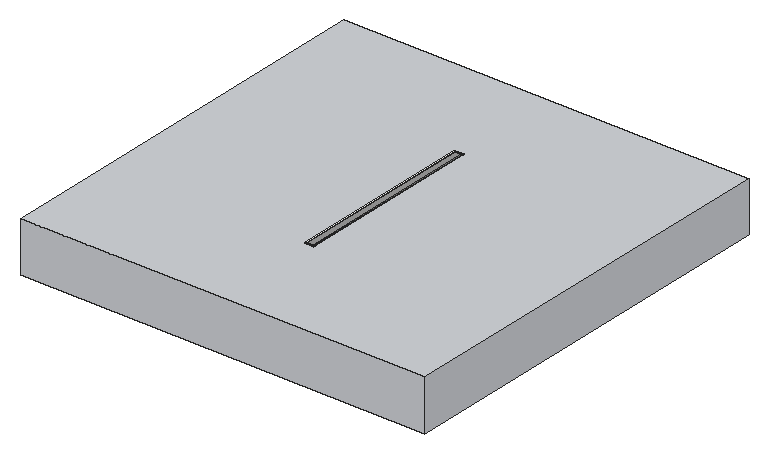
Revit family "LAMP_FIL 45 TW OPAL RECESSED", category Luminarias, Revit 2018
Family settings
  Anfitrión = Cara
  Cota de conector redondo = Diámetro de uso
  Tipo de pieza = Normal
  Corte con vacíos al cargar = No
  Origen de luz = Sí
  Compartido = No
  Punto de cálculo de habitación = No
Parameters (values of type "2800LM 2700-6500K DALI BLACK")
  Ángulo de inclinación = -90.00°
  Weight = 2.786 kg
  Wattage = 30.6 W
  Type = "MID POWER OSRAM"
  built-in parameter 1150107 = 3000 (stored number, unit not read)
  Recessed dimensions = "1126x45x80"
  built-in parameter 1150110 = 1 (stored number, unit not read)
  built-in parameter 1150109 = 1 (stored number, unit not read)
  built-in parameter 1150112 = 1 (stored number, unit not read)
  built-in parameter 1150113 = 1 (stored number, unit not read)
  built-in parameter 1114218 = 1 (stored number, unit not read)
  Protection rating = "IP20 / IK07"
  Product datasheet = "http://www.lamp.es/product-files/TECH/F41RE112MOOP8TWDB-EN.pdf"
  Product code = "F41RE112MOOP8TWDB"
  Product URL = "https://www.lamp.es/en/family/fil-45_413951"
  Power Supply = "220-240V 50/60Hz"
  Power = 27 W
  Plum = 30.6 W
  Photobiological risk = ""
  NOT COVER 2 [instance] = not(END COVER 2)  # no
  NOT COVER 1 [instance] = not(END COVER 1)  # no
  built-in parameter 1150137 = (empty or 0)
  built-in parameter 1150132 = 2
  Modelo = Product code  # "F41RE112MOOP8TWDB"
  Model Explanation = ""
  Material suspension = LAMP_Acero genérico
  Material perfil = LAMP_Aluminio Perfil Fil NG
  Material difusor = LAMP_PC Difusor Opal Fil
  Manufacturer name = "LAMP"
  Manufacturer country = "Spain"
  Manufacturer URL = "http://www.lamp.es/en"
  MacAdam = "3"
  Longitud de línea de emisión = Longitud  # 1120 mm
  Longitud = 1120 mm
  Last update = "07/04/2021"
  Lamp = "MID-POWER LED"
  LED Lifetime = "50.000 L80 B10"
  built-in parameter 1150105 = 1116.4 (stored number, unit not read)
  built-in parameter 1150102 = (empty or 0)
  Insulation class = "I"
  Installation instructions = "https://www.lamp.es/product-files/INS/1004580-C%20INSTR.%20FIL45.pdf"
  Initial color = "2700-6500K"
  built-in parameter 1150106 = 11.164 (stored number, unit not read)
  IEE = "A+"
  Gear = "Electronic"
  Lumens = 2934.85 lm
  Finish = "Matte black RAL 9011"
  Color Filter = 16777215
  built-in parameter 1114217 = 1 (stored number, unit not read)
  built-in parameter 1150139 = (empty or 0)
  Fabricante = Manufacturer name  # "LAMP"
  Default Elevation = 1219.2 mm
  built-in parameter 1150104 = 8.9103 (stored number, unit not read)
  Efficacy = 95.91 lm/W
  END COVER 2 [instance] = yes
  END COVER 1 [instance] = yes
  Dimensions = "1120x45x80"
  Descripción = "FIL45 REC 1120 2800 TW OPAL DALI BK."
  built-in parameter 1150115 = 1 (stored number, unit not read)
  built-in parameter 1150114 = 1 (stored number, unit not read)
  built-in parameter 1150138 = (empty or 0)
  built-in parameter 1150134 = 3
  Dimming Lamp Color Temperature Shift = (empty or 0)
  CRI = "80"
  Archivo de red fotométrica = "F41RE112MOOP8TWDB_4000k.IES"
  built-in parameter 1150133 = 10 (stored number, unit not read)
Types (9, lengths in mm): name | Weight | Wattage | Recessed dimensions | Product datasheet | Product code | Power | Plum | Modelo | Material perfil | Longitud de línea de emisión | Longitud | built-in parameter 1150105 | built-in parameter 1150106 | Lumens | Finish | built-in parameter 1150104 | Efficacy | Dimensions | Descripción | Archivo de red fotométrica
  2800LM 2700-6500K DALI BLACK | 2.786 kg | 30.6 W | "1126x45x80" | "http://www.lamp.es/product-files/TECH/F41RE112MOOP8TWDB-EN.pdf" | "F41RE112MOOP8TWDB" | 27 W | 30.6 W | "F41RE112MOOP8TWDB" | LAMP_Aluminio Perfil Fil NG | 1120 | 1120 | 1116.4 (stored number, unit not read) | 11.164 (stored number, unit not read) | 2934.85 lm | "Matte black RAL 9011" | 8.9103 (stored number, unit not read) | 95.91 lm/W | "1120x45x80" | "FIL45 REC 1120 2800 TW OPAL DALI BK." | "F41RE112MOOP8TWDB_4000k.IES"
  2800LM 2700-6500K DALI GREY | 2.786 kg | 30.6 W | "1126x45x80" | "http://www.lamp.es/product-files/TECH/F41RE112MOOP8TWDG-EN.pdf" | "F41RE112MOOP8TWDG" | 27 W | 30.6 W | "F41RE112MOOP8TWDG" | LAMP_Aluminio Perfil Fil GR | 1120 | 1120 | 1116.4 (stored number, unit not read) | 11.164 (stored number, unit not read) | 2934.85 lm | "Gloss grey" | 8.9103 (stored number, unit not read) | 95.91 lm/W | "1120x45x80" | "FIL45 REC 1120 2800 TW OPAL DALI GR." | "F41RE112MOOP8TWDG_4000k.IES"
  2800LM 2700-6500K DALI WHITE | 2.786 kg | 30.6 W | "1126x45x80" | "http://www.lamp.es/product-files/TECH/F41RE112MOOP8TWDW-EN.pdf" | "F41RE112MOOP8TWDW" | 27 W | 30.6 W | "F41RE112MOOP8TWDW" | LAMP_Aluminio Perfil Fil BL | 1120 | 1120 | 1116.4 (stored number, unit not read) | 11.164 (stored number, unit not read) | 2934.85 lm | "Matte white RAL 9010" | 8.9103 (stored number, unit not read) | 95.91 lm/W | "1120x45x80" | "FIL45 REC 1120 2800 TW OPAL DALI WH." | "F41RE112MOOP8TWDW_4000k.IES"
  4200LM 2700-6500K DALI BLACK | 3.992 kg | 47.2 W | "1686x45x80" | "http://www.lamp.es/product-files/TECH/F41RE168MOOP8TWDB-EN.pdf" | "F41RE168MOOP8TWDB" | 41 W | 47.2 W | "F41RE168MOOP8TWDB" | LAMP_Aluminio Perfil Fil NG | 1680 | 1680 | 1675.2 (stored number, unit not read) | 16.752 (stored number, unit not read) | 4403.76 lm | "Matte black RAL 9011" | 8.6679 (stored number, unit not read) | 93.3 lm/W | "1680x45x80" | "FIL45 REC 1680 4200 TW OPAL DALI BK." | "F41RE168MOOP8TWDB_4000k.IES"
  4200LM 2700-6500K DALI GREY | 3.992 kg | 47.2 W | "1686x45x80" | "http://www.lamp.es/product-files/TECH/F41RE168MOOP8TWDG-EN.pdf" | "F41RE168MOOP8TWDG" | 41 W | 47.2 W | "F41RE168MOOP8TWDG" | LAMP_Aluminio Perfil Fil GR | 1680 | 1680 | 1675.2 (stored number, unit not read) | 16.752 (stored number, unit not read) | 4403.76 lm | "Gloss grey" | 8.6679 (stored number, unit not read) | 93.3 lm/W | "1680x45x80" | "FIL45 REC 1680 4200 TW OPAL DALI GR." | "F41RE168MOOP8TWDG_4000k.IES"
  4200LM 2700-6500K DALI WHITE | 3.992 kg | 47.2 W | "1686x45x80" | "http://www.lamp.es/product-files/TECH/F41RE168MOOP8TWDW-EN.pdf" | "F41RE168MOOP8TWDW" | 41 W | 47.2 W | "F41RE168MOOP8TWDW" | LAMP_Aluminio Perfil Fil BL | 1680 | 1680 | 1675.2 (stored number, unit not read) | 16.752 (stored number, unit not read) | 4403.76 lm | "Matte white RAL 9010" | 8.6679 (stored number, unit not read) | 93.3 lm/W | "1680x45x80" | "FIL45 REC 1680 4200 TW OPAL DALI WH." | "F41RE168MOOP8TWDW_4000k.IES"
  5600LM 2700-6500K DALI BLACK | 5.572 kg | 61.2 W | "2246x45x80" | "http://www.lamp.es/product-files/TECH/F41RE224MOOP8TWDB-EN.pdf" | "F41RE224MOOP8TWDB" | 55 W | 61.2 W | "F41RE224MOOP8TWDB" | LAMP_Aluminio Perfil Fil NG | 2240 | 2240 | 2232.6 (stored number, unit not read) | 22.326 (stored number, unit not read) | 5869.08 lm | "Matte black RAL 9011" | 8.9094 (stored number, unit not read) | 95.9 lm/W | "2240x45x80" | "FIL45 REC 2240 5600 TW OPAL DALI BK." | "F41RE224MOOP8TWDB_4000k.IES"
  5600LM 2700-6500K DALI GREY | 5.572 kg | 61.2 W | "2246x45x80" | "http://www.lamp.es/product-files/TECH/F41RE224MOOP8TWDG-EN.pdf" | "F41RE224MOOP8TWDG" | 55 W | 61.2 W | "F41RE224MOOP8TWDG" | LAMP_Aluminio Perfil Fil GR | 2240 | 2240 | 2232.6 (stored number, unit not read) | 22.326 (stored number, unit not read) | 5869.08 lm | "Gloss grey" | 8.9094 (stored number, unit not read) | 95.9 lm/W | "2240x45x80" | "FIL45 REC 2240 5600 TW OPAL DALI GR." | "F41RE224MOOP8TWDG_4000k.IES"
  5600LM 2700-6500K DALI WHITE | 5.572 kg | 61.2 W | "2246x45x80" | "http://www.lamp.es/product-files/TECH/F41RE224MOOP8TWDW-EN.pdf" | "F41RE224MOOP8TWDW" | 55 W | 61.2 W | "F41RE224MOOP8TWDW" | LAMP_Aluminio Perfil Fil BL | 2240 | 2240 | 2232.6 (stored number, unit not read) | 22.326 (stored number, unit not read) | 5869.08 lm | "Matte white RAL 9010" | 8.9094 (stored number, unit not read) | 95.9 lm/W | "2240x45x80" | "FIL45 REC 2240 5600 TW OPAL DALI WH." | "F41RE224MOOP8TWDW_4000k.IES"
Reference planes
  plane 1 "Centro (Frontal/Posterior)": y = 0
  plane 2: z = 0
  plane 3 "Centro (Izquierda/Derecha)": x = 0
Forms (mm)
  Extrusion 1, solid
    sketch origin (0, 0, 0) x (1, 0, 0) y (0, 1, 0)
      loop
        line (-1219.2, 1219.2) -> (-1219.2, -1219.2) -> (1219.2, -1219.2) -> (1219.2, 1219.2) -> (-1219.2, 1219.2)
    from 0 to -304.8
  Extrusion 2, solid, material "LAMP_Aluminio Perfil Fil NG" <- "Material perfil"
    sketch origin (0, 0, -281.8) x (1, 0, 0) y (0, 0, 1)
      loop
        line (17.8, 259) -> (0, 259) -> (-17.8, 259) -> (-21.5, 259) -> (-21.5, 283) -> (-27.5, 283) -> (-27.5, 281.8) -> (-22.5, 281.8) -> (-22.5, 206.5) -> (22.5, 206.5) -> (22.5, 281.8) -> (27.5, 281.8) -> (27.5, 283) -> (21.5, 283) -> (21.5, 259) -> (17.8, 259)
    from -560 to 560
  Extrusion 3, solid, material "LAMP_PC Difusor Opal Fil" <- "Material difusor"
    sketch origin (0, 0, -281.8) x (1, 0, 0) y (0, 0, 1)
      loop
        line (-21.5, 283) -> (-21.5, 281.8) -> (21.5, 281.8) -> (21.5, 283) -> (-21.5, 283)
    from -560 to 560
Text (mm)
  text "Any modification of the parameters and properties of the LAMP BIM models must be executed and validated by the LAMP technical department.\nPhone: +34 93 736 68 00\nE-mail: lamp@lamp.es\n\nLAMP reserves the right to modify the technical specifications of its products." at (3249.303, 5266.069, -2786.139), in view "Preview"
Dimensions and locks
  equal spacing: Extrusion 2, plane 1 "Centro (Frontal/Posterior)", Extrusion 2
  "Longitud": Extrusion 2 to Extrusion 2
  equal spacing: nested 1, plane 1 "Centro (Frontal/Posterior)", nested 2
  aligned and locked: plane 2 to Extrusion 1
  aligned and locked: level to Extrusion 1
  aligned and locked: Extrusion 3 to Extrusion 2
  aligned and locked: Extrusion 2 to Extrusion 3
  aligned and locked: nested 1 to Extrusion 2  (x2)
Automatic sketch dimensions
  Extrusion 1 sketch curve to Extrusion 1 sketch curve = 2438.4 mm  (x2)
  Extrusion 2 sketch curve to level = 0 mm  (x2)
  Extrusion 2 sketch curve to plane 3 "Centro (Izquierda/Derecha)" = 0 mm
  Extrusion 2 sketch curve to Extrusion 2 sketch curve = 17.8 mm
  level to Extrusion 2 sketch curve = 1.2 mm  (x2)
  Extrusion 2 sketch curve to plane 3 "Centro (Izquierda/Derecha)" = 21.5 mm
  Extrusion 2 sketch curve to plane 3 "Centro (Izquierda/Derecha)" = 22.5 mm
  Extrusion 2 sketch curve to Extrusion 2 sketch curve = 5 mm  (x2)
  plane 3 "Centro (Izquierda/Derecha)" to Extrusion 2 sketch curve = 17.8 mm
  Extrusion 2 sketch curve to Extrusion 2 sketch curve = 3.7 mm
  plane 3 "Centro (Izquierda/Derecha)" to Extrusion 2 sketch curve = 22.5 mm
  Extrusion 2 sketch curve to level = 22.8 mm
  Extrusion 2 sketch curve to Extrusion 2 sketch curve = 52.5 mm
  Extrusion 3 sketch curve to level = 0 mm
  Extrusion 3 sketch curve to plane 3 "Centro (Izquierda/Derecha)" = 21.5 mm
  level to Extrusion 3 sketch curve = 1.2 mm
  plane 3 "Centro (Izquierda/Derecha)" to Extrusion 3 sketch curve = 21.5 mm
Nested families
  nested 1: "LAMP_FIL 45 END COVER RECESSED" at (0, -561, -75.3), visible <- "END COVER 1", type "LAMP_FIL 45 END COVER RECESSED"
  nested 2: "LAMP_FIL 45 END COVER RECESSED" at (0, 561, -75.3), visible <- "END COVER 2", type "LAMP_FIL 45 END COVER RECESSED"
Definition of nested family "LAMP_FIL 45 END COVER RECESSED"
  Parameters (values of type "LAMP_FIL 45 END COVER RECESSED")
    Material tapa = none
  Reference planes
    plane 1 "Centro (Frontal/Posterior)": y = 0
    plane 2: z = 0
    plane 3 "Centro (Izquierda/Derecha)": x = 0
  Forms (mm)
    Extrusion 1, solid, material <- "Material tapa"
      sketch origin (0, 0, 76.8) x (0, -1, 0) y (0, 0, -1)
        loop
          line (1, 1.5) -> (1, 76.8) -> (-1, 76.8) -> (-1, 0.3) -> (4.5, 0.3) -> (4.5, 1.5) -> (1, 1.5)
      from -27.5 to 27.5
    Extrusion 2, void
      sketch origin (0, 0, 0) x (1, 0, 0) y (0, 0, 1)
        loop
          line (27.5, 75.3) -> (22.5, 75.3) -> (22.5, 0) -> (27.5, 0) -> (27.5, 75.3)
      from -23.5 to 23.5
    Extrusion 3, void
      sketch origin (0, 0, 0) x (1, 0, 0) y (0, 0, 1)
        loop
          line (-27.5, 75.3) -> (-27.5, 0) -> (-22.5, 0) -> (-22.5, 75.3) -> (-27.5, 75.3)
      from -23.5 to 23.5
  Cuts and joins
    Extrusion 2, Extrusion 3 cuts Extrusion 1
  Dimensions and locks
    aligned and locked: level to plane 2
